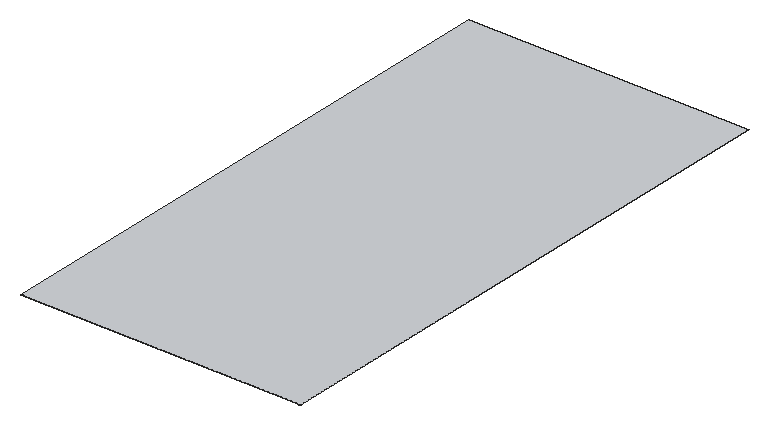
Revit family "Baid_A_Revit_ParkingSpace", category Parking, Revit 2022
Family settings
  Work Plane-Based = No
  Always vertical = Yes
  Cut with Voids When Loaded = No
  Shared = No
Parameters (values of type "250x500")
  baid_area = Length * Width  # 12.50 m²
  Width = 2500 mm
  URL = ""
  Type Comments = ""
  Model = "2.5 x 5 m"
  Manufacturer = ""
  Length = 5000 mm
  Keynote = ""
  Description = ""
Types (3, lengths in mm): name | baid_area | Width | Model | Length
  360x500 | 18.00 m² | 3600 | "3.6 x 6m" | 5000
  300x600 | 18.00 m² | 3000 | "3 x 6m" | 6000
  250x500 | 12.50 m² | 2500 | "2.5 x 5 m" | 5000
Reference planes
  plane 1 "Center (Front/Back)": y = 0
  plane 2: z = 0
  plane 3 "Center (Left/Right)": x = 0
Forms (mm)
  Extrusion 1, solid
    sketch origin (0, 0, 0) x (1, 0, 0) y (0, 1, 0)
      loop
        line (-1250, 2500) -> (-1250, -2500) -> (1250, -2500) -> (1250, 2500) -> (-1250, 2500)
    from 0 to 1
Lines and regions (mm)
  model lines
    curve 1: line (-1250, 2500, 0) -> (1250, 2500, 0)
    curve 2: line (-1250, -2500, 0) -> (-1250, 2500, 0)
    curve 3: line (1250, -2500, 0) -> (-1250, -2500, 0)
    curve 4: line (1250, 2500, 0) -> (1250, -2500, 0)
Dimensions and locks
  equal spacing: curve 2, plane 3 "Center (Left/Right)", curve 4
  equal spacing: curve 3, plane 1 "Center (Front/Back)", curve 1
  "Width": curve 2 to curve 4
  "Length": curve 1 to curve 3
  equal spacing: Extrusion 1 sketch curve, plane 3 "Center (Left/Right)", Extrusion 1 sketch curve
  "Width": Extrusion 1 sketch curve to Extrusion 1 sketch curve
  equal spacing: Extrusion 1 sketch curve, plane 1 "Center (Front/Back)", Extrusion 1 sketch curve
  "Length": Extrusion 1 sketch curve to Extrusion 1 sketch curve
  aligned and locked: level to plane 2
